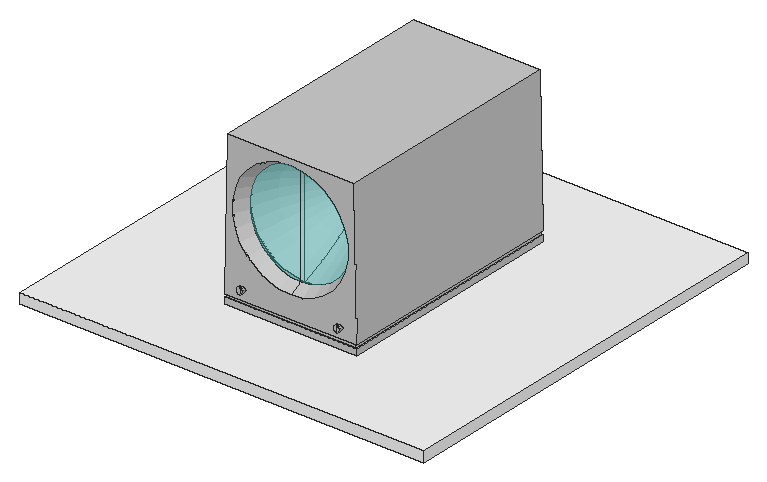
Revit family "BE_24596_de_DE", category Leuchten, Revit 2020
Family settings
  Basisbauteil = Fläche
  Bemaßung runder Anschluss = Durchmesser verwenden
  Teiletyp = Normal
  Beim Laden mit Abzugskörper schneiden = Ja
  Lichtquelle = Ja
  Gemeinsam genutzt = Nein
  Raumberechnungspunkt = Ja
Parameters (values of type "BEGA_24596_Silber_K4")
  built-in parameter 1150104 = 13.935 (stored number, unit not read)
  Wattage = 15.8 W
  Default Elevation = 0 mm
  built-in parameter 1150113 = 1 (stored number, unit not read)
  built-in parameter 1114218 = 1 (stored number, unit not read)
  Umgebungstemperatur = "25 °C"
  URL = "https://www.bega.com/de/produkt/24596"
  Typenkommentare = "© 2022 BEGA. Wir behalten uns das Recht vor, technische Änderungen ohne vorherige Ankündigung vorzunehmen."  # constant formula
  Type Image = 24596.png
  built-in parameter 1150134 = 12
  built-in parameter 1150109 = 1 (stored number, unit not read)
  Strom = ""
  built-in parameter 1150110 = 1 (stored number, unit not read)
  Spannung = 239.996 V
  Sonderanfertigung = no
  Seriennummer [instance] = "Hier können Sie die eindeutige Seriennummer für das Facility Management eintragen."
  Schutzklasse = "I"
  Schutzart = "IP 64"
  Scheinlast = 0 VA
  Produktdatenblatt = "https://cdn.bega.com/bega/products/24596WK4/current/documents/data-sheets/de"
  Oberflächentemperatur = ""
  Neigungswinkel = 0.00°
  Modell = "24596AK4"
  Material_17 = BEGA_Reflektor
  Material_15 = BEGA_Leuchtmedium_matt
  Material_11 = BEGA_Glas_opal
  Material_09 = BEGA_Glas_klar
  Material_06 = BEGA_Oberfläche_Edelstahl_gebürstet
  Material_03 = BEGA_Oberfläche_Weiss_matt
  Material_02 = BEGA_Oberfläche_Silber_matt
  Material_01 [instance] = BEGA_Oberfläche_Grafit_matt
  M_W = no
  M_G = no
  M_A = yes
  Logo = 0
  built-in parameter 1114217 = 1 (stored number, unit not read)
  built-in parameter 1150139 = (empty or 0)
  built-in parameter 1150105 = 188.6 (stored number, unit not read)
  built-in parameter 1150114 = 1 (stored number, unit not read)
  Lumens = 2370 lm
  built-in parameter 1150115 = 1 (stored number, unit not read)
  Leuchtenlichtstrom = "1093 lm"
  Leuchtenanzahl = ""
  Lebensdauerkriterien = "L70B50 @ 25 °C = 200000 h"
  Lastklassifizierung = Beleuchtung
  built-in parameter 1150112 = 1 (stored number, unit not read)
  Lampenlichtstrom = "2370 lm"
  Lampe = "LED 15.8 W"
  LED_Modulbezeichnung = "LED-0681/840 + LED-0683/840"
  built-in parameter 1150142 = (empty or 0)
  Hersteller = "BEGA"  # constant formula
  Halbstreuwinkel = ""
  Gewicht = "2.3 kg"
  Gebrauchslageneinschränkung [instance] = ""
  Frequenz = "0/50-60 Hz"
  Farbwiedergabeindex = "CRI > 80"
  Farbtemperaturverschiebung bei Dämpfen der Lampe = <Keine Auswahl>
  Farbtemperatur = "4000 K"
  Color Filter = 16777215
  built-in parameter 1150133 = 10 (stored number, unit not read)
  Energieeffizienzklasse = "LED A++ - A"
  built-in parameter 1150137 = (empty or 0)
  built-in parameter 1150132 = (empty or 0)
  ENEC = "ja"
  Dimmbar [instance] = "DALI"
  Datei für fotometrisches Netz = "BE_24596K4.IES"
  CE_Konformität = "ja"
  Bestellnummer = "24596AK4"
  Beschreibung_Sonderanfertigung = "Hier können Sie Informationen zur Sonderanfertigung eintragen."
  Beschreibung = "Wandleuchte"
  built-in parameter 1150106 = 1.886 (stored number, unit not read)
  Befestigungsbohrung = "Ø 4,5 mm"
  Befestigungsabstand = "105 mm"
  Ballwurfsicher = ""
  BEGA_Intern_aus = yes
  BEGA_Intern_an = yes
  BEGA_Intern_Konstruktion = yes
  BEGA_Intern = yes
  BEGA_IES = yes
  BEGA_Dummy = no
  Anschlussleitung = ""
  Anschlussleistung [instance] = "18 W"
  built-in parameter 1150107 = 4000 (stored number, unit not read)
  built-in parameter 1150102 = (empty or 0)
  built-in parameter 1150138 = (empty or 0)
  Aktualisierung = "2022-05-18T04:00:07"
  Abstand_zur_angestrahlten_Fläche [instance] = ""
  AC/DC = "AC/DC"
Types (6, lengths in mm): name | built-in parameter 1150104 | built-in parameter 1150134 | Modell | M_W | M_G | M_A | built-in parameter 1150105 | Lumens | Leuchtenlichtstrom | Lampenlichtstrom | LED_Modulbezeichnung | Farbtemperatur | Datei für fotometrisches Netz | Bestellnummer | built-in parameter 1150106 | built-in parameter 1150107
  BEGA_24596_Silber_K3 | 13.23 (stored number, unit not read) | (empty or 0) | "24596AK3" | no | no | yes | 179.06 (stored number, unit not read) | 2250.08 lm | "1038 lm" | "2250 lm" | "LED-0681/830 + LED-0683/830" | "3000 K" | "BE_24596K3.IES" | "24596AK3" | 1.7906 (stored number, unit not read) | 3000 (stored number, unit not read)
  BEGA_24596_Weiß_K3 | 13.23 (stored number, unit not read) | (empty or 0) | "24596WK3" | yes | no | no | 179.06 (stored number, unit not read) | 2250.08 lm | "1038 lm" | "2250 lm" | "LED-0681/830 + LED-0683/830" | "3000 K" | "BE_24596K3.IES" | "24596WK3" | 1.7906 (stored number, unit not read) | 3000 (stored number, unit not read)
  BEGA_24596_Weiß_K4 | 13.935 (stored number, unit not read) | 12 | "24596WK4" | yes | no | no | 188.6 (stored number, unit not read) | 2370 lm | "1093 lm" | "2370 lm" | "LED-0681/840 + LED-0683/840" | "4000 K" | "BE_24596K4.IES" | "24596WK4" | 1.886 (stored number, unit not read) | 4000 (stored number, unit not read)
  BEGA_24596_Silber_K4 | 13.935 (stored number, unit not read) | 12 | "24596AK4" | no | no | yes | 188.6 (stored number, unit not read) | 2370 lm | "1093 lm" | "2370 lm" | "LED-0681/840 + LED-0683/840" | "4000 K" | "BE_24596K4.IES" | "24596AK4" | 1.886 (stored number, unit not read) | 4000 (stored number, unit not read)
  BEGA_24596_Grafit_K4 | 13.935 (stored number, unit not read) | 12 | "24596K4" | no | yes | no | 188.6 (stored number, unit not read) | 2370 lm | "1093 lm" | "2370 lm" | "LED-0681/840 + LED-0683/840" | "4000 K" | "BE_24596K4.IES" | "24596K4" | 1.886 (stored number, unit not read) | 4000 (stored number, unit not read)
  BEGA_24596_Grafit_K3 | 13.23 (stored number, unit not read) | (empty or 0) | "24596K3" | no | yes | no | 179.06 (stored number, unit not read) | 2250.08 lm | "1038 lm" | "2250 lm" | "LED-0681/830 + LED-0683/830" | "3000 K" | "BE_24596K3.IES" | "24596K3" | 1.7906 (stored number, unit not read) | 3000 (stored number, unit not read)
Reference planes
  plane 1 "Mitte (Vorne/Hinten)": y = 0
  plane 2: z = 0
  plane 3 "Mitte (Links/Rechts)": x = 0
  plane 4 "Links": x = -65.11
  plane 5 "Rechts": x = 65.11
  plane 6 "Unten": y = -115.176
  plane 7 "Oben": y = 115.044
  plane 8 "Vorne": z = 151.3
  plane 9 "Hinten": z = 0
Forms (mm)
  Extrusion 1, solid, material "BEGA_Platte_Weiss"
    sketch origin (0, -1119.2, 0) x (1, 0, 0) y (0, 1, 0)
      loop
        line (-200, 1319.2) -> (-200, 919.2) -> (200, 919.2) -> (200, 1319.2) -> (-200, 1319.2)
    from 0 to -10
  Extrusion 2, solid, material "BEGA_Dummy_matt", visible <- "BEGA_Dummy"
    sketch origin (80.095, -76.023, 0) x (1, 0, 0) y (0, 1, 0)
      loop
        line (-145.205, 191.067) -> (-145.205, -39.153) -> (-14.985, -39.153) -> (-14.985, 191.067) -> (-145.205, 191.067)
    from 0 to 151.3
Dimensions and locks
  plane 1 "Mitte (Vorne/Hinten)" to Extrusion 1 = 200 mm
  aligned and locked: plane 2 to Extrusion 1
  aligned and locked: level to Extrusion 1
Nested families
  nested 1: "BE_24596" at (0, 0, 0) x (0, -1, 0) z (0, 0, 1), type "BE_24596"
Connectors
  electrical at (0, 0, 0), driven by "Lastklassifizierung", driven by "Spannung", driven by "Scheinlast"
    settings: index 1, voltage 239.996 V, apparent load 0 VA, apparent load phase1 0 VA, apparent load phase2 0 VA, apparent load phase3 0 VA, power factor 1, load classification "Beleuchtung", number of poles 1, system type 31, power factor state 1, is connector primary yes, connector utility no, sub classification motor no, connector description ""
Definition of nested family "BE_24596"
  Parameters (values of type "BE_24596")
    Default Elevation = 1 mm
    URL = "http://www.bega.de/de/produkt"
    Type Comments = "© 2015 BEGA. Wir behalten uns das Recht vor, technische Änderungen ohne vorherige Ankündigung vorzunehmen. "  # constant formula
    Type Image = (empty or 0)
    Material_17 = none
    Material_15 = none
    Material_11 = none
    Material_09 = none
    Material_06 = none
    Material_03 = none
    Material_02 = none
    Material_01 = none
    M_W = yes
    M_G = yes
    M_A = yes
    Länge_Platte = 300 mm  # constant formula
    Höhe_Platte = -10 mm  # constant formula
    Manufacturer = "BEGA"  # constant formula
    Breite_Platte = 200 mm  # constant formula
  Reference planes
    plane 1 "Mitte (Oben/Unten)": y = 0
    plane 2: z = 0
    plane 3 "Mitte (Links/Rechts)": x = 0
    plane 4 "Unten": y = -65.11
    plane 5: x = -115.044
    plane 6: z = 151.3
    plane 7: x = 115.176
    plane 8: y = 65.11
  Forms (mm)
    Extrusion 1, solid, detail levels medium
      sketch origin (0, 0, 0) x (1, 0, 0) y (0, 1, 0)
        loop
          line (-150, 100) -> (-150, -100) -> (150, -100) -> (150, 100) -> (-150, 100)
      from 0 to -10 <- "Höhe_Platte"
    Extrusion 2, solid, material <- "Material_01", visible <- "M_G", detail levels medium+fine
      sketch origin (0, 0, 0) x (1, 0, 0) y (0, 0, 1)
        loop
          line (-114.824, 9.3) -> (-102.259, 9.3) -> (-102.259, 148.3) -> (102.259, 148.3) -> (102.259, 9.3) -> (115.176, 9.3) -> (115.176, 151.3) -> (-114.824, 151.3) -> (-114.824, 9.3)
      from -65.11 to 65.11
    Extrusion 3, solid, material <- "Material_01", visible <- "M_G", detail levels medium+fine
      sketch origin (0, 0, 0) x (0, 1, 0) y (0, 0, 1)
        loop
          line (-60, 151.3) -> (-65.11, 151.3) -> (-65.11, 9.3) -> (-60, 9.3) -> (-60, 151.3)
        loop
          line (60, 151.3) -> (60, 9.3) -> (65.11, 9.3) -> (65.11, 151.3) -> (60, 151.3)
      from -114.824 to 115.176
    Sweep 4, solid, material <- "Material_01", visible <- "M_G", detail levels medium+fine
      path origin (0, 0, 0) x (1, 0, 0) y (0, 1, 0)
        loop
          line (115.176, -65.11) -> (115.176, 65.11) -> (-115.11, 65.11) -> (-115.11, -65.11) -> (115.176, -65.11)
      profile origin (115.176, 0, 0) x (-1, 0, 0) y (0, 0, 1)
        loop
          line (0.176, 6.3) -> (0.066, 0) -> (7.976, 0) -> (8.447, 9) -> (54.804, 9) -> (54.804, 11.3) -> (3.262, 11.3) -> (1.041, 9.3) -> (1.041, 6.3) -> (0.176, 6.3)
    Extrusion 5, solid, material <- "Material_01", visible <- "M_G", detail levels medium+fine
      sketch origin (0, 0, 0) x (1, 0, 0) y (0, 1, 0)
        loop
          line (-60.306, 10.306) -> (-60.306, -10.306) -> (60.372, -10.306) -> (60.372, 10.306) -> (-60.306, 10.306)
      from 9 to 11.3
    Revolve 6, void
      sketch origin (0, 0, 0) x (1, 0, 0) y (0, 0, 1)
        loop
          line (-110.424, 145.05) -> (-115.712, 145.05) -> (-115.712, 88.3) -> (-102.259, 88.3) -> (-102.259, 140.535) -> (-110.424, 140.535) -> (-110.424, 145.05)
        axis (-115.712, 88.3) -> (-102.259, 88.3)
      angle from 0 to 360
    Revolve 7, void
      sketch origin (0, 0, 0) x (1, 0, 0) y (0, 0, 1)
        loop
          line (102.259, 139.777) -> (102.259, 88.3) -> (115.176, 88.3) -> (115.176, 145.8) -> (102.259, 139.777)
        axis (115.176, 88.3) -> (102.259, 88.3)
      angle from 0 to 360
    Revolve 8, solid, material <- "Material_17", detail levels medium+fine
      sketch origin (-4.05, 0, 0) x (-1, 0, 0) y (0, 0, 1)
        loop
          arc (-102.097, 141.256) -> (-68.897, 126.601) -> (-40.677, 103.781) r 137.727
          line (-40.677, 103.781) -> (-40.06, 93.694) -> (-39.056, 93.667) -> (-39.71, 104.364)
          arc (-39.71, 104.364) -> (-67.927, 127.265) -> (-101.152, 141.988) r 137.727
          line (-101.152, 141.988) -> (-101.152, 145.816) -> (-102.097, 145.816) -> (-102.097, 141.256)
        axis (-102.097, 88.3) -> (-39.056, 88.3)
      angle from 0 to 360
    Revolve 9, solid, material <- "Material_09", detail levels medium+fine
      sketch origin (0, 0, 0) x (1, 0, 0) y (0, 0, 1)
        loop
          line (98.047, 144.78) -> (98.047, 88.3) -> (102.227, 88.3) -> (102.227, 144.78) -> (98.047, 144.78)
        axis (98.047, 88.3) -> (102.227, 88.3)
      angle from 0 to 360
    Revolve 10, solid, material <- "Material_09", detail levels medium+fine
      sketch origin (-12.565, 0, 0) x (-1, 0, 0) y (0, 0, 1)
        loop
          line (98.047, 144.78) -> (98.047, 88.3) -> (102.227, 88.3) -> (102.227, 144.78) -> (98.047, 144.78)
        axis (98.047, 88.3) -> (102.227, 88.3)
      angle from 0 to 360
    Revolve 11, solid, material <- "Material_15", detail levels medium+fine
      sketch origin (69.774, 0, 0) x (1, 0, 0) y (0, 0, 1)
        loop
          line (-36.847, 88.3) -> (-35.805, 88.3) -> (-35.805, 93.042) -> (-36.847, 93.042) -> (-36.847, 88.3)
        axis (-36.847, 88.3) -> (-35.805, 88.3)
      angle from 0 to 360
    Revolve 12, solid, material <- "Material_06", detail levels fine
      sketch origin (0, -48, 0) x (1, 0, 0) y (0, 0, -1)
        loop
          line (114.588, -22.1) -> (118.376, -22.1) -> (118.376, -19.101) -> (114.588, -19.101) -> (114.588, -22.1)
        axis (114.588, -19.101) -> (118.376, -19.101)
      angle from 0 to 360
    Revolve 13, solid, material <- "Material_06", detail levels fine
      sketch origin (0, 48, 0) x (1, 0, 0) y (0, 0, 1)
        loop
          line (114.588, 22.1) -> (114.588, 19.101) -> (118.376, 19.101) -> (118.376, 22.1) -> (114.588, 22.1)
        axis (114.588, 19.101) -> (118.376, 19.101)
      angle from 0 to 360
    Sweep 14, solid, material <- "Material_02", visible <- "M_A", detail levels medium+fine
      path origin (0, 0, 0) x (1, 0, 0) y (0, 1, 0)
        loop
          line (115.176, -65.11) -> (115.176, 65.11) -> (-115.11, 65.11) -> (-115.11, -65.11) -> (115.176, -65.11)
      profile origin (115.176, 0, 0) x (-1, 0, 0) y (0, 0, 1)
        loop
          line (0.176, 6.3) -> (0.066, 0) -> (7.976, 0) -> (8.447, 9) -> (54.804, 9) -> (54.804, 11.3) -> (3.262, 11.3) -> (1.041, 9.3) -> (1.041, 6.3) -> (0.176, 6.3)
    Extrusion 15, solid, material <- "Material_02", visible <- "M_A", detail levels medium+fine
      sketch origin (0, 0, 0) x (1, 0, 0) y (0, 1, 0)
        loop
          line (-60.306, 10.306) -> (-60.306, -10.306) -> (60.372, -10.306) -> (60.372, 10.306) -> (-60.306, 10.306)
      from 9 to 11.3
    Sweep 16, solid, material <- "Material_03", visible <- "M_W", detail levels medium+fine
      path origin (0, 0, 0) x (1, 0, 0) y (0, 1, 0)
        loop
          line (115.176, -65.11) -> (115.176, 65.11) -> (-115.11, 65.11) -> (-115.11, -65.11) -> (115.176, -65.11)
      profile origin (115.176, 0, 0) x (-1, 0, 0) y (0, 0, 1)
        loop
          line (0.176, 6.3) -> (0.066, 0) -> (7.976, 0) -> (8.447, 9) -> (54.804, 9) -> (54.804, 11.3) -> (3.262, 11.3) -> (1.041, 9.3) -> (1.041, 6.3) -> (0.176, 6.3)
    Extrusion 17, solid, material <- "Material_03", visible <- "M_W", detail levels medium+fine
      sketch origin (0, 0, 0) x (1, 0, 0) y (0, 1, 0)
        loop
          line (-60.306, 10.306) -> (-60.306, -10.306) -> (60.372, -10.306) -> (60.372, 10.306) -> (-60.306, 10.306)
      from 9 to 11.3
    Extrusion 18, solid, material <- "Material_02", visible <- "M_A", detail levels medium+fine
      sketch origin (0, 0, 0) x (1, 0, 0) y (0, 0, 1)
        loop
          line (-114.824, 9.3) -> (-102.259, 9.3) -> (-102.259, 148.3) -> (102.259, 148.3) -> (102.259, 9.3) -> (115.176, 9.3) -> (115.176, 151.3) -> (-114.824, 151.3) -> (-114.824, 9.3)
      from -65.11 to 65.11
    Extrusion 19, solid, material <- "Material_02", visible <- "M_A", detail levels medium+fine
      sketch origin (0, 0, 0) x (0, 1, 0) y (0, 0, 1)
        loop
          line (-60, 151.3) -> (-65.11, 151.3) -> (-65.11, 9.3) -> (-60, 9.3) -> (-60, 151.3)
        loop
          line (60, 151.3) -> (60, 9.3) -> (65.11, 9.3) -> (65.11, 151.3) -> (60, 151.3)
      from -114.824 to 115.176
    Extrusion 20, solid, material <- "Material_03", visible <- "M_W", detail levels medium+fine
      sketch origin (0, 0, 0) x (1, 0, 0) y (0, 0, 1)
        loop
          line (-114.824, 9.3) -> (-102.259, 9.3) -> (-102.259, 148.3) -> (102.259, 148.3) -> (102.259, 9.3) -> (115.176, 9.3) -> (115.176, 151.3) -> (-114.824, 151.3) -> (-114.824, 9.3)
      from -65.11 to 65.11
    Extrusion 21, solid, material <- "Material_03", visible <- "M_W", detail levels medium+fine
      sketch origin (0, 0, 0) x (0, 1, 0) y (0, 0, 1)
        loop
          line (-60, 151.3) -> (-65.11, 151.3) -> (-65.11, 9.3) -> (-60, 9.3) -> (-60, 151.3)
        loop
          line (60, 151.3) -> (60, 9.3) -> (65.11, 9.3) -> (65.11, 151.3) -> (60, 151.3)
      from -114.824 to 115.176
    Extrusion 22, void
      sketch origin (0, 0, 0) x (1, 0, 0) y (0, 1, 0)
        loop
          circle (0, 52.5) r 2.25
        loop
          circle (0, -52.5) r 2.25
        loop
          circle (19, 45) r 8.5
        loop
          circle (-19, 45) r 8.5
      from 0 to 15.771
    Extrusion 23, solid, material <- "Material_15", detail levels medium+fine
      sketch origin (0, 0, 0) x (1, 0, 0) y (0, 1, 0)
        loop
          line (-47.03, 1.8) -> (-47.03, -1.453) -> (-45.888, -1.453) -> (-45.888, 1.8) -> (-47.03, 1.8)
      from 61.497 to 113.996
    Extrusion 24, void
      sketch origin (0, 0, 0) x (0, 1, 0) y (0, 0, 1)
        loop
          line (-65.11, 9.3) -> (-62.523, 157.517) -> (-65.11, 157.517) -> (-65.11, 9.3)
        loop
          line (65.11, 9.3) -> (65.11, 157.517) -> (62.523, 157.517) -> (65.11, 9.3)
      from -123.107 to 124.503
  Cuts and joins
    Revolve 6, Revolve 7, Extrusion 22, Extrusion 24 cuts Extrusion 2
    Revolve 6, Revolve 7, Extrusion 22, Extrusion 24 cuts Extrusion 3
    joined: Extrusion 2, Extrusion 3
    Extrusion 22 cuts Sweep 4
    Extrusion 22 cuts Extrusion 5
    joined: Sweep 4, Extrusion 5
    Extrusion 22 cuts Sweep 14
    Extrusion 22 cuts Extrusion 15
    joined: Sweep 14, Extrusion 15
    Extrusion 22 cuts Sweep 16
    Extrusion 22 cuts Extrusion 17
    joined: Sweep 16, Extrusion 17
    Revolve 6, Revolve 7, Extrusion 22, Extrusion 24 cuts Extrusion 18
    Extrusion 22, Extrusion 24 cuts Extrusion 19
    joined: Extrusion 18, Extrusion 19
    Revolve 6, Revolve 7, Extrusion 22, Extrusion 24 cuts Extrusion 20
    Extrusion 22, Extrusion 24 cuts Extrusion 21
    joined: Extrusion 20, Extrusion 21
  Dimensions and locks
    equal spacing: Extrusion 1 sketch curve, plane 3 "Mitte (Links/Rechts)", Extrusion 1 sketch curve
    equal spacing: Extrusion 1 sketch curve, plane 1 "Mitte (Oben/Unten)", Extrusion 1 sketch curve
    "Länge_Platte": Extrusion 1 sketch curve to Extrusion 1 sketch curve
    "Breite_Platte": Extrusion 1 sketch curve to Extrusion 1 sketch curve
    Extrusion 24 to level = 157.517 mm
    aligned and locked: Extrusion 1 to plane 2
    aligned and locked: level to Extrusion 1
  Automatic sketch dimensions
    Extrusion 2 sketch curve to Extrusion 2 sketch curve = 12.565 mm
    level to Extrusion 2 sketch curve = 9.3 mm  (x2)
    Extrusion 2 sketch curve to Extrusion 2 sketch curve = 12.917 mm
    Extrusion 2 sketch curve to Extrusion 2 sketch curve = 3 mm
    plane 1 "Mitte (Oben/Unten)" to Extrusion 3 sketch curve = 65.11 mm
    Extrusion 3 sketch curve to Extrusion 3 sketch curve = 5.11 mm  (x2)
    Extrusion 3 sketch curve to plane 1 "Mitte (Oben/Unten)" = 60 mm
    level to Extrusion 3 sketch curve = 9.3 mm  (x2)
    plane 1 "Mitte (Oben/Unten)" to Sweep 4 sketch curve = 65.11 mm
    Sweep 4 sketch curve to plane 1 "Mitte (Oben/Unten)" = 65.11 mm
    Sweep 4 sketch curve to level = 0 mm
    Sweep 4 sketch curve to profile plane = 0.066 mm
    Sweep 4 sketch curve to profile plane = 0.176 mm
    Sweep 4 sketch curve to profile plane = 1.041 mm
    Sweep 4 sketch curve to Sweep 4 sketch curve = 2.221 mm
    Sweep 4 sketch curve to Sweep 4 sketch curve = 7.91 mm
    Sweep 4 sketch curve to Sweep 4 sketch curve = 5.185 mm
    level to Sweep 4 sketch curve = 9 mm
    Sweep 4 sketch curve to Sweep 4 sketch curve = 46.356 mm
    level to Sweep 4 sketch curve = 6.3 mm
    Sweep 4 sketch curve to Sweep 4 sketch curve = 3 mm
    Sweep 4 sketch curve to Sweep 4 sketch curve = 2 mm
    plane 1 "Mitte (Oben/Unten)" to Extrusion 5 sketch curve = 10.306 mm
    Extrusion 5 sketch curve to plane 3 "Mitte (Links/Rechts)" = 60.306 mm
    plane 3 "Mitte (Links/Rechts)" to Extrusion 5 sketch curve = 60.372 mm
    Extrusion 5 sketch curve to plane 1 "Mitte (Oben/Unten)" = 10.306 mm
    Revolve 6 sketch curve to Revolve 6 sketch curve = 5.287 mm
    Revolve 6 sketch curve to Revolve 6 sketch curve = 8.165 mm
    level to Revolve 6 sketch curve = 88.3 mm
    Revolve 6 sketch curve to Revolve 6 sketch curve = 52.235 mm
    Revolve 6 sketch curve to Revolve 6 sketch curve = 4.515 mm
    Revolve 6 sketch curve to Revolve 6 sketch curve = 0 mm  (x2)
    Revolve 6 sketch curve to plane 3 "Mitte (Links/Rechts)" = 25.712 mm
    Revolve 7 sketch curve to Revolve 7 sketch curve = 12.917 mm
    level to Revolve 7 sketch curve = 88.3 mm
    Revolve 7 sketch curve to Revolve 7 sketch curve = 51.477 mm
    Revolve 7 sketch curve to Revolve 7 sketch curve = 6.023 mm
    plane 3 "Mitte (Links/Rechts)" to Revolve 7 sketch curve = 18.248 mm
    Revolve 7 sketch curve to Revolve 7 sketch curve = 0 mm  (x2)
    Revolve 8 sketch curve to level = 9.03 mm
    Revolve 8 sketch curve to Revolve 8 sketch curve = 0.78 mm  (x2)
    Revolve 8 sketch curve to plane 3 "Mitte (Links/Rechts)" = 98.047 mm
    Revolve 8 sketch curve to Revolve 8 sketch curve = 0.945 mm
    Revolve 8 sketch curve to plane 3 "Mitte (Links/Rechts)" = 36.627 mm
    Revolve 8 sketch curve to Revolve 8 sketch curve = 0.617 mm
    Revolve 8 sketch curve to Revolve 8 sketch curve = 0.966 mm
    Revolve 8 sketch curve to Revolve 8 sketch curve = 1.003 mm
    Revolve 8 sketch curve to level = 93.667 mm
    Revolve 8 sketch curve to Revolve 8 sketch curve = 0.026 mm
    Revolve 8 sketch curve to Revolve 8 sketch curve = 10.088 mm
    Revolve 8 sketch curve to Revolve 8 sketch curve = 0.583 mm
    Revolve 8 sketch curve to Revolve 8 sketch curve = 3.828 mm
    Revolve 8 sketch curve to Revolve 8 sketch curve = 8.327 mm
    Revolve 8 sketch curve to plane 3 "Mitte (Links/Rechts)" = 16.374 mm
    Revolve 8 sketch curve to Revolve 8 sketch curve = 5.367 mm
    plane 3 "Mitte (Links/Rechts)" to Revolve 9 sketch curve = 98.047 mm
    Revolve 9 sketch curve to Revolve 9 sketch curve = 4.18 mm
    level to Revolve 9 sketch curve = 88.3 mm
    Revolve 9 sketch curve to Revolve 9 sketch curve = 0 mm  (x2)
    Revolve 9 sketch curve to Revolve 9 sketch curve = 7.502 mm
    Revolve 10 sketch curve to Revolve 10 sketch curve = 4.18 mm
    Revolve 10 sketch curve to level = 88.3 mm
    Revolve 10 sketch curve to Revolve 10 sketch curve = 0 mm  (x2)
    Revolve 10 sketch curve to Revolve 10 sketch curve = 7.502 mm
    plane 3 "Mitte (Links/Rechts)" to Revolve 11 sketch curve = 32.927 mm
    Revolve 11 sketch curve to Revolve 11 sketch curve = 1.042 mm
    level to Revolve 11 sketch curve = 88.3 mm
    Revolve 11 sketch curve to Revolve 11 sketch curve = 4.742 mm
    Revolve 11 sketch curve to Revolve 11 sketch curve = 0 mm  (x2)
    Revolve 11 sketch curve to Revolve 11 sketch curve = 2.757 mm
    level to Revolve 12 sketch curve = 22.1 mm
    Revolve 12 sketch curve to Revolve 12 sketch curve = 3.788 mm
    Revolve 12 sketch curve to Revolve 12 sketch curve = 2.999 mm
    Revolve 12 sketch curve to Revolve 12 sketch curve = 0 mm  (x3)
    level to Revolve 13 sketch curve = 22.1 mm
    Revolve 13 sketch curve to Revolve 13 sketch curve = 3.788 mm
    Revolve 13 sketch curve to Revolve 13 sketch curve = 2.999 mm
    Revolve 13 sketch curve to Revolve 13 sketch curve = 0 mm  (x3)
    plane 1 "Mitte (Oben/Unten)" to Sweep 14 sketch curve = 65.11 mm
    Sweep 14 sketch curve to plane 1 "Mitte (Oben/Unten)" = 65.11 mm
    Sweep 14 sketch curve to level = 0 mm
    Sweep 14 sketch curve to profile plane = 0.066 mm
    Sweep 14 sketch curve to profile plane = 0.176 mm
    Sweep 14 sketch curve to profile plane = 1.041 mm
    Sweep 14 sketch curve to Sweep 14 sketch curve = 2.221 mm
    Sweep 14 sketch curve to Sweep 14 sketch curve = 7.91 mm
    Sweep 14 sketch curve to Sweep 14 sketch curve = 5.185 mm
    level to Sweep 14 sketch curve = 9 mm
    Sweep 14 sketch curve to Sweep 14 sketch curve = 46.356 mm
    level to Sweep 14 sketch curve = 6.3 mm
    Sweep 14 sketch curve to Sweep 14 sketch curve = 3 mm
    Sweep 14 sketch curve to Sweep 14 sketch curve = 2 mm
    plane 1 "Mitte (Oben/Unten)" to Extrusion 15 sketch curve = 10.306 mm
    Extrusion 15 sketch curve to plane 3 "Mitte (Links/Rechts)" = 60.306 mm
    plane 3 "Mitte (Links/Rechts)" to Extrusion 15 sketch curve = 60.372 mm
    Extrusion 15 sketch curve to plane 1 "Mitte (Oben/Unten)" = 10.306 mm
    plane 1 "Mitte (Oben/Unten)" to Sweep 16 sketch curve = 65.11 mm
    Sweep 16 sketch curve to plane 1 "Mitte (Oben/Unten)" = 65.11 mm
    Sweep 16 sketch curve to level = 0 mm
    Sweep 16 sketch curve to profile plane = 0.066 mm
    Sweep 16 sketch curve to profile plane = 0.176 mm
    Sweep 16 sketch curve to profile plane = 1.041 mm
    Sweep 16 sketch curve to Sweep 16 sketch curve = 2.221 mm
    Sweep 16 sketch curve to Sweep 16 sketch curve = 7.91 mm
    Sweep 16 sketch curve to Sweep 16 sketch curve = 5.185 mm
    level to Sweep 16 sketch curve = 9 mm
    Sweep 16 sketch curve to Sweep 16 sketch curve = 46.356 mm
    level to Sweep 16 sketch curve = 6.3 mm
    Sweep 16 sketch curve to Sweep 16 sketch curve = 3 mm
    Sweep 16 sketch curve to Sweep 16 sketch curve = 2 mm
    plane 1 "Mitte (Oben/Unten)" to Extrusion 17 sketch curve = 10.306 mm
    Extrusion 17 sketch curve to plane 3 "Mitte (Links/Rechts)" = 60.306 mm
    plane 3 "Mitte (Links/Rechts)" to Extrusion 17 sketch curve = 60.372 mm
    Extrusion 17 sketch curve to plane 1 "Mitte (Oben/Unten)" = 10.306 mm
    Extrusion 18 sketch curve to Extrusion 18 sketch curve = 12.565 mm
    level to Extrusion 18 sketch curve = 9.3 mm  (x2)
    Extrusion 18 sketch curve to Extrusion 18 sketch curve = 12.917 mm
    Extrusion 18 sketch curve to Extrusion 18 sketch curve = 3 mm
    plane 1 "Mitte (Oben/Unten)" to Extrusion 19 sketch curve = 65.11 mm
    Extrusion 19 sketch curve to Extrusion 19 sketch curve = 5.11 mm  (x2)
    Extrusion 19 sketch curve to plane 1 "Mitte (Oben/Unten)" = 60 mm
    level to Extrusion 19 sketch curve = 9.3 mm  (x2)
    Extrusion 20 sketch curve to Extrusion 20 sketch curve = 12.565 mm
    level to Extrusion 20 sketch curve = 9.3 mm  (x2)
    Extrusion 20 sketch curve to Extrusion 20 sketch curve = 12.917 mm
    Extrusion 20 sketch curve to Extrusion 20 sketch curve = 3 mm
    plane 1 "Mitte (Oben/Unten)" to Extrusion 21 sketch curve = 65.11 mm
    Extrusion 21 sketch curve to Extrusion 21 sketch curve = 5.11 mm  (x2)
    Extrusion 21 sketch curve to plane 1 "Mitte (Oben/Unten)" = 60 mm
    level to Extrusion 21 sketch curve = 9.3 mm  (x2)
    Extrusion 22 sketch curve to plane 3 "Mitte (Links/Rechts)" = 0 mm  (x2)
    Extrusion 22 sketch curve to plane 3 "Mitte (Links/Rechts)" = 19 mm
    plane 3 "Mitte (Links/Rechts)" to Extrusion 22 sketch curve = 19 mm
    plane 1 "Mitte (Oben/Unten)" to Extrusion 22 sketch curve = 52.5 mm
    Extrusion 22 sketch curve to plane 1 "Mitte (Oben/Unten)" = 45 mm
    Extrusion 22 sketch curve to Extrusion 22 sketch curve = 0 mm
    Extrusion 22 sketch curve to Extrusion 22 sketch curve = 7.5 mm
    Extrusion 2 sketch curve to plane 3 "Mitte (Links/Rechts)" = 114.824 mm
    plane 3 "Mitte (Links/Rechts)" to Extrusion 2 sketch curve = 102.259 mm
    Sweep 4 sketch curve to plane 3 "Mitte (Links/Rechts)" = 115.11 mm
    plane 3 "Mitte (Links/Rechts)" to Sweep 4 sketch curve = 115.176 mm
    Revolve 6 sketch curve to Revolve 6 sketch curve = 76.547 mm
    Revolve 7 sketch curve to Revolve 7 sketch curve = 84.01 mm
    Revolve 8 sketch curve to Revolve 8 sketch curve = 29.427 mm
    plane 3 "Mitte (Links/Rechts)" to Revolve 10 sketch curve = 110.613 mm
    plane 3 "Mitte (Links/Rechts)" to Revolve 12 sketch curve = 114.588 mm
    plane 3 "Mitte (Links/Rechts)" to Revolve 13 sketch curve = 114.588 mm
    Sweep 14 sketch curve to plane 3 "Mitte (Links/Rechts)" = 115.11 mm
    plane 3 "Mitte (Links/Rechts)" to Sweep 14 sketch curve = 115.176 mm
    Sweep 16 sketch curve to plane 3 "Mitte (Links/Rechts)" = 115.11 mm
    plane 3 "Mitte (Links/Rechts)" to Sweep 16 sketch curve = 115.176 mm
    Extrusion 18 sketch curve to plane 3 "Mitte (Links/Rechts)" = 114.824 mm
    plane 3 "Mitte (Links/Rechts)" to Extrusion 18 sketch curve = 102.259 mm
    Extrusion 20 sketch curve to plane 3 "Mitte (Links/Rechts)" = 114.824 mm
    plane 3 "Mitte (Links/Rechts)" to Extrusion 20 sketch curve = 102.259 mm
    Extrusion 2 sketch curve to plane 6 = 0 mm
    plane 6 to Extrusion 3 sketch curve = 0 mm  (x2)
    plane 6 to Revolve 9 sketch curve = 6.52 mm
    Revolve 10 sketch curve to plane 6 = 6.52 mm
    Extrusion 18 sketch curve to plane 6 = 0 mm
    plane 6 to Extrusion 19 sketch curve = 0 mm  (x2)
    Extrusion 20 sketch curve to plane 6 = 0 mm
    plane 6 to Extrusion 21 sketch curve = 0 mm  (x2)
    plane 1 "Mitte (Oben/Unten)" to Extrusion 23 sketch curve = 1.453 mm
    Extrusion 23 sketch curve to plane 3 "Mitte (Links/Rechts)" = 47.03 mm
    Extrusion 23 sketch curve to Extrusion 23 sketch curve = 1.141 mm
    Extrusion 23 sketch curve to plane 1 "Mitte (Oben/Unten)" = 1.8 mm
    Extrusion 24 sketch curve to plane 4 "Unten" = 0 mm
    Extrusion 24 sketch curve to plane 8 = 0 mm
    Extrusion 24 sketch curve to Extrusion 24 sketch curve = 2.587 mm  (x2)
    level to Extrusion 24 sketch curve = 9.3 mm  (x2)
    Extrusion 24 sketch curve to plane 6 = 6.217 mm  (x2)
    radius of Extrusion 22 sketch curve = 2.25 mm  (x2)
    radius of Extrusion 22 sketch curve = 8.5 mm  (x2)
